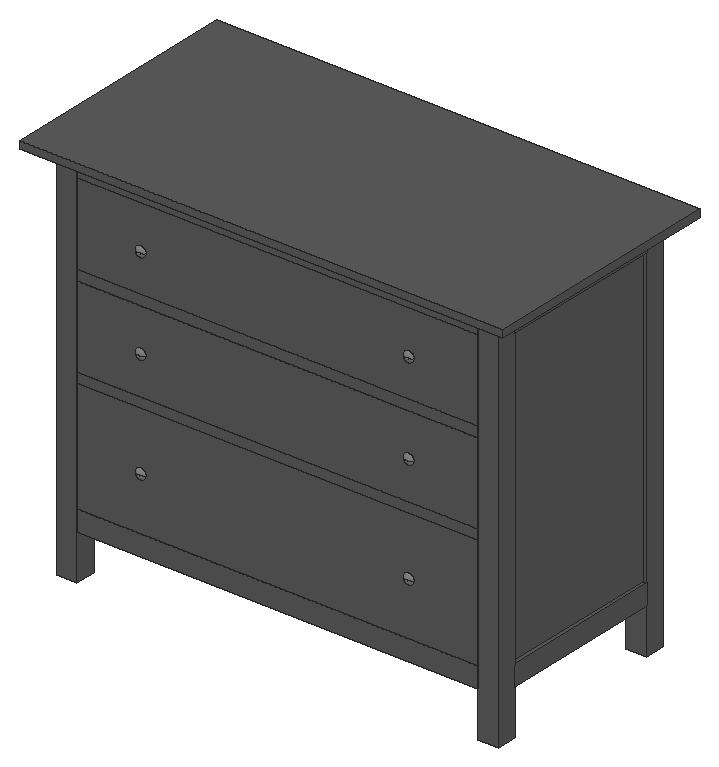
Revit family
Parameters (values of type "Black/Brown Finish")
  URL = "www.ikea.com"
  Model = "Hemnes"
  Manufacturer = "Ikea"
  Knobs = Stainless Steel
  Dresser = Pine - Black/Brown
  Description = "3 Drawer Chest"
  Cost = 149
  Article Number = "901.595.71"
Types (5): name | Dresser | Cost | Article Number
  (no name) | Pine - Black/Brown | 149 | "901.595.71"
  Black/Brown Finish | Pine - Black/Brown | 149 | "901.595.71"
  Grey/Brown Finish | Pine - Grey/Brown | 149 | "301.805.42"
  Red Finish | Pine - Red | 149 | "101.212.47"
  White Finish | Pine - White | 199.99 | "200.678.29"
Reference planes (in)
  plane 1 "Center Front/Back": y = 0
  plane 2: z = 0
  plane 3 "Center Left/Right": x = 0
  plane 4: x = -21.625
  plane 5: x = 21.625
  plane 6: y = 10.0625
  plane 7: y = -10.0625
  plane 8: x = -13.125
  plane 9: x = 13.125
  plane 10: z = 22.5
  plane 11: z = 12
  plane 12: z = 31.5
Forms (in)
  Extrusion 1, solid, material "Pine - Black/Brown" <- "Dresser"
    sketch origin (0, 0, 0) x (1, 0, 0) y (0, 1, 0)
      loop
        line (-21.625, 10.0625) -> (-21.625, 8.0625) -> (-19.625, 8.0625) -> (-19.625, 10.0625) -> (-21.625, 10.0625)
      loop
        line (21.625, 10.0625) -> (19.625, 10.0625) -> (19.625, 8.0625) -> (21.625, 8.0625) -> (21.625, 10.0625)
      loop
        line (-21.625, -10.0625) -> (-19.625, -10.0625) -> (-19.625, -8.0625) -> (-21.625, -8.0625) -> (-21.625, -10.0625)
      loop
        line (21.625, -10.0625) -> (21.625, -8.0625) -> (19.625, -8.0625) -> (19.625, -10.0625) -> (21.625, -10.0625)
    from 0 to 37.5
  Extrusion 2, solid, material "Pine - Black/Brown" <- "Dresser"
    sketch origin (0, 0, 37.5) x (1, 0, 0) y (0, 1, 0)
      loop
        line (-23.625, 12.0625) -> (-23.625, -12.0625) -> (23.625, -12.0625) -> (23.625, 12.0625) -> (-23.625, 12.0625)
    from 0 to 0.75
  Extrusion 3, solid, material "Pine - Black/Brown" <- "Dresser"
    sketch origin (-19.625, -10.0625, 0.5) x (-1, 0, 0) y (0, 0, -1)
      loop
        line (0, -4) -> (-39.25, -4) -> (-39.25, -6) -> (0, -6) -> (0, -4)
    from 0 to -2
  Extrusion 4, solid, material "Pine - Black/Brown" <- "Dresser"
    sketch origin (-19.625, -10.0625, 31.5) x (-1, 0, 0) y (0, 0, -1)
      loop
        line (0, -4) -> (-39.25, -4) -> (-39.25, -6) -> (0, -6) -> (0, -4)
    from 0 to -2
  Extrusion 5, solid, material "Pine - Black/Brown" <- "Dresser"
    sketch origin (-19.625, -10.0625, 31.5) x (-1, 0, 0) y (0, 0, -1)
      loop
        line (0, -4) -> (0, 4) -> (-39.25, 4) -> (-39.25, -4) -> (0, -4)
    from 0 to -1
  Extrusion 6, solid, material "Pine - Black/Brown" <- "Dresser"
    sketch origin (-19.625, -10.0625, 31.5) x (-1, 0, 0) y (0, 0, -1)
      loop
        line (0, 4) -> (0, 5) -> (-39.25, 5) -> (-39.25, 4) -> (0, 4)
    from 0 to -2
  Extrusion 7, solid, material "Pine - Black/Brown" <- "Dresser"
    sketch origin (-19.625, -10.0625, 22.5) x (-1, 0, 0) y (0, 0, -1)
      loop
        line (0, -4) -> (0, 4) -> (-39.25, 4) -> (-39.25, -4) -> (0, -4)
    from 0 to -1
  Extrusion 8, solid, material "Pine - Black/Brown" <- "Dresser"
    sketch origin (-19.625, -10.0625, 22.5) x (-1, 0, 0) y (0, 0, -1)
      loop
        line (0, 4) -> (0, 5) -> (-39.25, 5) -> (-39.25, 4) -> (0, 4)
    from 0 to -2
  Extrusion 9, solid, material "Pine - Black/Brown" <- "Dresser"
    sketch origin (-19.625, -10.0625, 31.5) x (-1, 0, 0) y (0, 0, -1)
      loop
        line (0, 14) -> (0, 25) -> (-39.25, 25) -> (-39.25, 14) -> (0, 14)
    from 0 to -1
  Extrusion 10, solid, material "Pine - Black/Brown" <- "Dresser"
    sketch origin (21.625, -20.125, 2) x (0, 1, 0) y (0, 0, 1)
      loop
        line (12.0625, 2.5) -> (28.1875, 2.5) -> (28.1875, 4.5) -> (12.0625, 4.5) -> (12.0625, 2.5)
    from 0 to -2
  Extrusion 11, solid, material "Pine - Black/Brown" <- "Dresser"
    sketch origin (21.625, -20.125, 33) x (0, 1, 0) y (0, 0, 1)
      loop
        line (12.0625, 2.5) -> (28.1875, 2.5) -> (28.1875, 4.5) -> (12.0625, 4.5) -> (12.0625, 2.5)
    from 0 to -2
  Extrusion 12, solid, material "Pine - Black/Brown" <- "Dresser"
    sketch origin (-21.625, -20.125, 2) x (0, 1, 0) y (0, 0, -1)
      loop
        line (12.0625, -2.5) -> (12.0625, -4.5) -> (28.1875, -4.5) -> (28.1875, -2.5) -> (12.0625, -2.5)
    from 0 to -2
  Extrusion 13, solid, material "Pine - Black/Brown" <- "Dresser"
    sketch origin (-21.625, -20.125, 33) x (0, 1, 0) y (0, 0, -1)
      loop
        line (12.0625, -2.5) -> (12.0625, -4.5) -> (28.1875, -4.5) -> (28.1875, -2.5) -> (12.0625, -2.5)
    from 0 to -2
  Extrusion 14, solid, material "Pine - Black/Brown" <- "Dresser"
    sketch origin (-19.625, 10.0625, 0.5) x (-1, 0, 0) y (0, 0, 1)
      loop
        line (0, 4) -> (0, 6) -> (-39.25, 6) -> (-39.25, 4) -> (0, 4)
    from 0 to -2
  Extrusion 15, solid, material "Pine - Black/Brown" <- "Dresser"
    sketch origin (-19.625, 10.0625, 31.5) x (-1, 0, 0) y (0, 0, 1)
      loop
        line (0, 4) -> (0, 6) -> (-39.25, 6) -> (-39.25, 4) -> (0, 4)
    from 0 to -2
  Extrusion 16, solid, material "Pine - Black/Brown" <- "Dresser"
    sketch origin (-21.625, -20.125, 2) x (0, 1, 0) y (0, 0, -1)
      loop
        line (28.1875, -35.5) -> (28.1875, -4.5) -> (12.0625, -4.5) -> (12.0625, -35.5) -> (28.1875, -35.5)
    from -0.375 to -1
  Extrusion 17, solid, material "Pine - Black/Brown" <- "Dresser"
    sketch origin (21.625, -20.125, 0) x (0, 1, 0) y (0, 0, 1)
      loop
        line (28.1875, 35.5) -> (12.0625, 35.5) -> (12.0625, 6.5) -> (28.1875, 6.5) -> (28.1875, 35.5)
    from -0.375 to -1
  Extrusion 18, solid, material "Pine - Black/Brown" <- "Dresser"
    sketch origin (0, 0, 0) x (1, 0, 0) y (0, 1, 0)
      loop
        line (-19.625, 8.0625) -> (-19.625, -8.0625) -> (19.625, -8.0625) -> (19.625, 8.0625) -> (-19.625, 8.0625)
    from 4.5 to 5
  Extrusion 19, solid, material "Pine - Black/Brown" <- "Dresser"
    sketch origin (-19.625, 10.0625, 0.5) x (-1, 0, 0) y (0, 0, 1)
      loop
        line (-39.25, 35) -> (-39.25, 6) -> (0, 6) -> (0, 35) -> (-39.25, 35)
    from -0.375 to -1
  Extrusion 20, solid, material "Stainless Steel" <- "Knobs"
    sketch origin (-19.625, -10.0625, 31.5) x (-1, 0, 0) y (0, 0, -1)
      loop
        circle (-6.5, 19.5) r 0.125
    from 0 to 0.375
  Revolve 21, solid, material "Stainless Steel" <- "Knobs"
    sketch origin (6.50589, 2.375, 11.99986) x (1, 0, 0) y (0, 1, 0)
      loop
        line (-19.125, -12.8125) -> (-19.625, -12.8125) -> (-19.625, -13.0625)
        arc (-19.625, -13.0625) -> (-19.34549, -12.99652) -> (-19.125, -12.8125) r 0.625
      axis (-19.625, -12.8125) -> (-19.625, -13.0625)
    angle from 0 to 360
  Extrusion 22, solid, material "Stainless Steel" <- "Knobs"
    sketch origin (19.625, -10.0625, 31.5) x (1, 0, 0) y (0, 0, 1)
      loop
        circle (-6.5, -19.5) r 0.125
    from 0 to 0.375
  Revolve 23, solid, material "Stainless Steel" <- "Knobs"
    sketch origin (-6.50589, 2.375, 11.99986) x (-1, 0, 0) y (0, -1, 0)
      loop
        arc (-19.125, 12.8125) -> (-19.34549, 12.99652) -> (-19.625, 13.0625) r 0.625
        line (-19.625, 13.0625) -> (-19.625, 12.8125) -> (-19.125, 12.8125)
      axis (-19.625, 12.8125) -> (-19.625, 13.0625)
    angle from 0 to 360
  Extrusion 24, solid, material "Stainless Steel" <- "Knobs"
    sketch origin (-19.625, -10.0625, 42.00014) x (-1, 0, 0) y (0, 0, -1)
      loop
        circle (-6.5, 19.5) r 0.125
    from 0 to 0.375
  Revolve 25, solid, material "Stainless Steel" <- "Knobs"
    sketch origin (6.50589, 2.375, 22.5) x (1, 0, 0) y (0, 1, 0)
      loop
        line (-19.125, -12.8125) -> (-19.625, -12.8125) -> (-19.625, -13.0625)
        arc (-19.625, -13.0625) -> (-19.34549, -12.99652) -> (-19.125, -12.8125) r 0.625
      axis (-19.625, -12.8125) -> (-19.625, -13.0625)
    angle from 0 to 360
  Extrusion 26, solid, material "Stainless Steel" <- "Knobs"
    sketch origin (19.625, -10.0625, 42.00014) x (1, 0, 0) y (0, 0, 1)
      loop
        circle (-6.5, -19.5) r 0.125
    from 0 to 0.375
  Revolve 27, solid, material "Stainless Steel" <- "Knobs"
    sketch origin (-6.50589, 2.375, 22.5) x (-1, 0, 0) y (0, -1, 0)
      loop
        arc (-19.125, 12.8125) -> (-19.34549, 12.99652) -> (-19.625, 13.0625) r 0.625
        line (-19.625, 13.0625) -> (-19.625, 12.8125) -> (-19.125, 12.8125)
      axis (-19.625, 12.8125) -> (-19.625, 13.0625)
    angle from 0 to 360
  Extrusion 28, solid, material "Stainless Steel" <- "Knobs"
    sketch origin (-19.625, -10.0625, 51.00014) x (-1, 0, 0) y (0, 0, -1)
      loop
        circle (-6.5, 19.5) r 0.125
    from 0 to 0.375
  Revolve 29, solid, material "Stainless Steel" <- "Knobs"
    sketch origin (6.50589, 2.375, 31.5) x (1, 0, 0) y (0, 1, 0)
      loop
        line (-19.125, -12.8125) -> (-19.625, -12.8125) -> (-19.625, -13.0625)
        arc (-19.625, -13.0625) -> (-19.34549, -12.99652) -> (-19.125, -12.8125) r 0.625
      axis (-19.625, -12.8125) -> (-19.625, -13.0625)
    angle from 0 to 360
  Extrusion 30, solid, material "Stainless Steel" <- "Knobs"
    sketch origin (19.625, -10.0625, 51.00014) x (1, 0, 0) y (0, 0, 1)
      loop
        circle (-6.5, -19.5) r 0.125
    from 0 to 0.375
  Revolve 31, solid, material "Stainless Steel" <- "Knobs"
    sketch origin (-6.50589, 2.375, 31.5) x (-1, 0, 0) y (0, -1, 0)
      loop
        arc (-19.125, 12.8125) -> (-19.34549, 12.99652) -> (-19.625, 13.0625) r 0.625
        line (-19.625, 13.0625) -> (-19.625, 12.8125) -> (-19.125, 12.8125)
      axis (-19.625, 12.8125) -> (-19.625, 13.0625)
    angle from 0 to 360
Dimensions and locks (in)
  aligned and locked: level to plane 2
